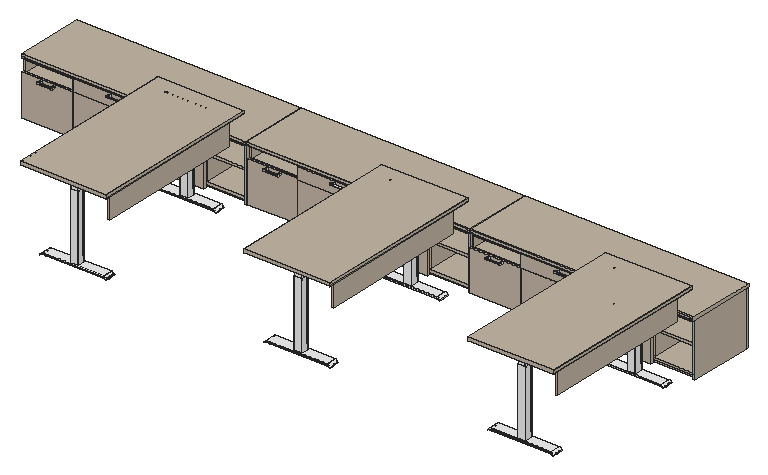
Revit family "JSI-Vision-Typical_Laminate-VST139", category Furniture, Revit 2020 (continued)
Definition of nested family "JSI-Vision-Box_File_Modular_Bench_Pedestal"
  Automatic sketch dimensions
    Extrusion 4 sketch curve to plane 5 = 0"
    Extrusion 4 sketch curve to plane 14 = 0"
    curve 6 to plane 6 = 0"
    curve 6 to plane 7 = 0"
    curve 5 to plane 8 = 0"
    curve 6 to plane 9 = 0"
    curve 2 to plane 5 = 0"
    Extrusion 1 sketch curve to plane 18 = 0"
    Extrusion 2 sketch curve to plane 18 = 0"
    Extrusion 5 sketch curve to Extrusion 5 sketch curve = 3/4"
    plane 9 to Extrusion 5 sketch curve = 0.88"
  Nested families (in)
    nested 1: "Bar Pull" at (9, -18, 13.6409), Pull Finish <- "Pull Finish", type "PL"
      with Pull Finish none
    nested 2: "Bar Pull" at (9, -18, 17.8909), Pull Finish <- "Pull Finish", type "PL"
      with Pull Finish none
    nested 3: "Label 1-16" at (9, -18, 0), type "DRWCFG"
  Definition of nested family "Bar Pull"
    Parameters
      Pull Finish [instance] = none
      Default Elevation = 0"
    Reference planes (in)
      plane 1 "Center Front/Back": y = 0
      plane 2: z = 0
      plane 3 "Center Left/Right": x = 0
      plane 4: x = -2.68731
      plane 5: x = -1.88731
      plane 6: x = 2.68731
      plane 7: x = 1.88731
      plane 8: y = -1
      plane 9: y = -0.85202
    Forms (in)
      Extrusion 1, solid, material <- "Pull Finish"
        sketch origin (0, 0, 0) x (0, 1, 0) y (0, 0, 1)
          loop
            line (0, -0.2015) -> (0, 0.2015) -> (-0.85202, 0.2015)
            arc (-0.85202, 0.2015) -> (-0.75, 0) -> (-0.85202, -0.2015) r 0.25
            line (-0.85202, -0.2015) -> (0, -0.2015)
        from 1.88731 to 2.68731
      Extrusion 2, solid, material <- "Pull Finish"
        sketch origin (0, 0, 0) x (0, 1, 0) y (0, 0, 1)
          loop
            circle (-1, 0) r 0.25
        from -2.68731 to 2.68731
      Extrusion 3, solid, material <- "Pull Finish"
        sketch origin (0, 0, 0) x (0, 1, 0) y (0, 0, -1)
          loop
            line (0, 0.2015) -> (-0.85202, 0.2015)
            arc (-0.85202, 0.2015) -> (-0.75, 0) -> (-0.85202, -0.2015) r 0.25
            line (-0.85202, -0.2015) -> (0, -0.2015) -> (0, 0.2015)
        from 1.88731 to 2.68731
    Dimensions and locks (in)
      plane 4 to plane 5 to plane 3 "Center Left/Right" to plane 7 to plane 6 = 0.8" locked, 1.88731" locked, 1.88731" locked, 0.8" locked
      plane 8 to plane 9 to plane 1 "Center Front/Back" = 0.14798" locked, 0.85202" locked
      aligned and locked: level to plane 2
      aligned and locked: plane 4 to Extrusion 3
      aligned and locked: Extrusion 3 to plane 5
      aligned and locked: plane 4 to Extrusion 2
      aligned and locked: Extrusion 1 to plane 7
      aligned and locked: plane 6 to Extrusion 1
      aligned and locked: plane 6 to Extrusion 2
      aligned and locked: plane 8 to Extrusion 2 sketch curve
      aligned and locked: Extrusion 3 to plane 1 "Center Front/Back"
      aligned and locked: Extrusion 1 to plane 1 "Center Front/Back"
      aligned and locked: plane 5 to Extrusion 3
      aligned and locked: Extrusion 3 to plane 4
      aligned and locked: Extrusion 2 to plane 4
      aligned and locked: plane 7 to Extrusion 1
      aligned and locked: Extrusion 1 to plane 6
      aligned and locked: Extrusion 2 to plane 6
  Definition of nested family "Label 1-16"
    Parameters
      Width = 1"
      Model Name = "FF"
    Reference planes (in)
      plane 1: y = 0
      plane 2: x = 0
    Text (in)
      label "XX" at (0.00051, -0.12324, 0), shows "Model Name"
Definition of nested family "JSI-Vision-Sliding_Door_Modular_Bench_Pedestal"
  Parameters (values of type "Type Catalog")
    Width = 30"
    URL = "www.jsifurniture.com"
    Top = none
    Tag = "DOOR"
    Series = "Vision Casegoods"  # constant formula
    Model = "Type Catalog"
    Manufacturer = "JSI"  # constant formula
    Keynote = "12500"
    JSI Enviromental Website = "http://www.jsifurniture.com/jsi_sustainability_intro.php"
    Height = 18 3/4"
    Door Front = none
    Description = "Type Catalog"
    Depth = 18"
    Default Elevation = 0"
    Chassis = none
    Assembly Code = "E2020200"
  Reference planes (in)
    plane 1 "Center Front/Back": y = 0
    plane 2: z = 0
    plane 3 "Center Left/Right": x = 0
    plane 4: x = 30
    plane 5: x = 0.18716
    plane 6: x = 29.81244
    plane 7: z = 10.33219
    plane 8: x = 0.75
    plane 9: x = 29.126
    plane 10: y = -0.8125
    plane 11: y = -17.25
    plane 12: x = 15
    plane 13: z = 18.75
    plane 14: z = 18.6409
    plane 15: z = 9.58219
    plane 16: z = 1.9375
    plane 17: z = 1.1875
    plane 18: y = -17
    plane 19: y = -18
    plane 20: x = 14.625
    plane 21: x = 15.375
    plane 22: y = -16.125
    plane 23: y = -15.1875
    plane 24: y = -15.9375
    plane 25: z = 1
    plane 26: z = 18
  Forms (in)
    Extrusion 1, solid, material <- "Chassis"
      sketch origin (0.125, -0.1875, 48) x (0, 1, 0) y (0, 0, 1)
        loop
          line (0.1875, -29.25) -> (-17.0625, -29.25) -> (-17.0625, -48) -> (0.1875, -48) -> (0.1875, -29.25)
      from -0.125 to 0.625
    Extrusion 2, solid, material <- "Chassis"
      sketch origin (29.875, -0.1875, 48) x (0, 1, 0) y (0, 0, 1)
        loop
          line (0.1875, -29.25) -> (-17.0625, -29.25) -> (-17.0625, -48) -> (0.1875, -48) -> (0.1875, -29.25)
      from -0.749 to 0.125
    Extrusion 3, solid, material <- "Chassis"
      sketch origin (0, 0, 0) x (1, 0, 0) y (0, 1, 0)
        loop
          line (0.75, -15.1875) -> (0.75, -15.9375) -> (29.126, -15.9375) -> (29.126, -15.1875) -> (0.75, -15.1875)
      from 0 to 1.1875
    Extrusion 4, solid, material <- "Chassis"
      sketch origin (0, 0, 0) x (0, 1, 0) y (0, 0, 1)
        loop
          line (0, 18) -> (0, 18.75) -> (-17.25, 18.75) -> (-17.25, 18) -> (0, 18)
        loop
          line (0, 1.1875) -> (0, 1.9375) -> (-17, 1.9375) -> (-17, 1.1875) -> (0, 1.1875)
      from 0.75 to 29.126
    Extrusion 5, solid, material <- "Door Front"
      sketch origin (0, 0, 0) x (0, 1, 0) y (0, 0, 1)
        loop
          line (-17.25, 18.6409) -> (-18, 18.6409) -> (-18, 0.25) -> (-17.25, 0.25) -> (-17.25, 18.6409)
      from 0.18716 to 15.375
    Extrusion 6, solid, material <- "Chassis"
      sketch origin (0, 0, 0) x (0, 1, 0) y (0, 0, 1)
        loop
          line (-0.25, 9.58219) -> (-0.25, 10.33219) -> (-15.75, 10.33219) -> (-15.75, 9.58219) -> (-0.25, 9.58219)
      from 0.75 to 14.625
    Extrusion 7, solid, material <- "Chassis"
      sketch origin (0, 0, 0) x (0, 1, 0) y (0, 0, 1)
        loop
          line (0, 18) -> (-16.125, 18) -> (-16.125, 1.9375) -> (0, 1.9375) -> (0, 18)
      from 14.625 to 15.375
    Extrusion 8, solid, material <- "Chassis"
      sketch origin (30, 0, 0) x (0, 1, 0) y (0, 0, -1)
        loop
          line (-0.25, -9.58219) -> (-15.75, -9.58219) -> (-15.75, -10.33219) -> (-0.25, -10.33219) -> (-0.25, -9.58219)
      from 0.874 to 14.625
    Extrusion 9, solid, material <- "Chassis"
      sketch origin (0, 0, 0) x (1, 0, 0) y (0, 1, 0)
        loop
          line (0.75, 0) -> (0.75, -0.25) -> (14.625, -0.25) -> (14.625, 0) -> (0.75, 0)
        loop
          line (15.375, 0) -> (15.375, -0.25) -> (29.126, -0.25) -> (29.126, 0) -> (15.375, 0)
      from 1.9375 to 18
  Lines and regions (in)
    symbolic lines
      curve 1: line (0, 0, 0) -> (30, 0, 0)
      curve 2: line (0, -17.875, 0) -> (0, 0, 0)
      curve 3: line (30, -17.875, 0) -> (0, -17.875, 0)
      curve 4: line (30, 0, 0) -> (30, -17.875, 0)
  Dimensions and locks (in)
    plane 9 to plane 6 to plane 4 = 0.68644" locked, 0.18756" locked
    plane 3 "Center Left/Right" to plane 5 to plane 8 = 0.18716" locked, 0.56284" locked
    "Width": plane 3 "Center Left/Right" to plane 4
    equal spacing: plane 3 "Center Left/Right", plane 12, plane 4
    locked: plane 1 "Center Front/Back" to plane 10 at 0.8125
    plane 16 to plane 17 to level = 3/4" locked, 1 3/16" locked
    "Depth": plane 1 "Center Front/Back" to plane 19
    locked: plane 25 to level at 1
    locked: Extrusion 6 sketch curve to plane 22 at 0.375
    plane 20 to plane 12 to plane 21 = 3/8" locked, 3/8" locked
    plane 23 to plane 24 to plane 22 to plane 18 to plane 11 to plane 19 = 3/4" locked, 3/16" locked, 7/8" locked, 1/4" locked, 3/4" locked
    locked: plane 13 to plane 26 at 0.75
    locked: plane 14 to plane 13 at 0.1091
    "Height": plane 13 to level
    locked: Extrusion 5 sketch curve to plane 2 at 0.25
    locked: plane 1 "Center Front/Back" to Extrusion 9 sketch curve at 0.25  (x2)
    aligned and locked: level to plane 2
    aligned and locked: Extrusion 1 sketch curve to level
    aligned and locked: level to Extrusion 2 sketch curve
    aligned and locked: plane 8 to Extrusion 3 sketch curve
    aligned and locked: nested 1 to plane 12
    aligned and locked: plane 3 "Center Left/Right" to curve 2
    aligned and locked: plane 1 "Center Front/Back" to curve 1
    aligned and locked: curve 4 to plane 4
    aligned and locked: plane 13 to Extrusion 4 sketch curve
    aligned and locked: Extrusion 4 sketch curve to plane 11
    aligned and locked: plane 16 to Extrusion 4 sketch curve
    aligned and locked: Extrusion 4 sketch curve to plane 17
    aligned and locked: nested 1 to plane 19
    aligned and locked: plane 17 to Extrusion 3
    aligned and locked: plane 23 to Extrusion 3
    aligned and locked: Extrusion 3 to plane 24
    aligned and locked: Extrusion 5 sketch curve to plane 14
    aligned and locked: plane 11 to Extrusion 5 sketch curve
    aligned and locked: Extrusion 5 sketch curve to plane 19
    aligned and locked: plane 21 to Extrusion 5
    aligned and locked: plane 5 to Extrusion 5
    aligned and locked: plane 7 to Extrusion 6 sketch curve
    aligned and locked: Extrusion 6 sketch curve to plane 15
    aligned and locked: plane 16 to Extrusion 7 sketch curve
    aligned and locked: plane 22 to Extrusion 7 sketch curve
    aligned and locked: Extrusion 8 to plane 21
    aligned and locked: plane 7 to Extrusion 8
    aligned and locked: Extrusion 8 to plane 15
    aligned and locked: plane 9 to Extrusion 8
    aligned and locked: Extrusion 1 to plane 1 "Center Front/Back"
    aligned and locked: Extrusion 2 to plane 1 "Center Front/Back"
    aligned and locked: Extrusion 4 to plane 1 "Center Front/Back"
    aligned and locked: Extrusion 7 to plane 1 "Center Front/Back"
    aligned and locked: plane 8 to Extrusion 9 sketch curve
    aligned and locked: plane 20 to Extrusion 9 sketch curve
    aligned and locked: plane 1 "Center Front/Back" to Extrusion 9 sketch curve  (x2)
    aligned and locked: plane 21 to Extrusion 9 sketch curve
    aligned and locked: Extrusion 9 sketch curve to plane 9
    aligned and locked: plane 26 to Extrusion 9
    aligned and locked: Extrusion 9 to plane 16
    aligned and locked: Extrusion 6 to Extrusion 9
    aligned and locked: Extrusion 8 to Extrusion 9
  Automatic sketch dimensions
    plane 19 to curve 4 = 1/8"
    Extrusion 1 sketch curve to plane 11 = 0"
    Extrusion 1 sketch curve to plane 13 = 0"
    Extrusion 2 sketch curve to plane 11 = 0"
    Extrusion 2 sketch curve to plane 13 = 0"
    Extrusion 3 sketch curve to plane 9 = 0"
    Extrusion 3 sketch curve to plane 24 = 0"
    Extrusion 3 sketch curve to plane 23 = 0"
    plane 15 to Extrusion 8 sketch curve = 0"
    Extrusion 8 sketch curve to plane 7 = 0"
    plane 10 to Extrusion 8 sketch curve = 9/16"
    plane 24 to Extrusion 8 sketch curve = 3/16"
    plane 26 to Extrusion 7 sketch curve = 0"
    plane 10 to Extrusion 1 sketch curve = 13/16"
    plane 10 to Extrusion 2 sketch curve = 13/16"
    Extrusion 4 sketch curve to plane 18 = 0"
    Extrusion 4 sketch curve to plane 26 = 0"
    plane 10 to Extrusion 4 sketch curve = 13/16"  (x2)
    plane 10 to Extrusion 7 sketch curve = 13/16"
    plane 10 to Extrusion 6 sketch curve = 9/16"
  Nested families (in)
    nested 1: "Label 1-16" at (15, -18, 0), type "DRWCFG"
  Definition of nested family "Label 1-16"
    Parameters
      Width = 1"
      Model Name = "DOOR"
    Reference planes (in)
      plane 1: y = 0
      plane 2: x = 0
    Text (in)
      label "XX" at (0.00051, -0.12324, 0), shows "Model Name"
Definition of nested family "JSI-Vision-Bench_Height_Modular_Top"
  Parameters (values of type "Type Catalog")
    Worksurface = none
    Width = 42"
    URL = "www.jsifurniture.com"
    Type Comments = ""
    Series = "Vision Casegoods"  # constant formula
    Model = "Type Catalog"
    Material = ""
    Manufacturer = "JSI"  # constant formula
    Keynote = "12500"
    JSI Enviromental Website = "http://www.jsifurniture.com/jsi_sustainability_intro.php"
    Height = 19 1/2"
    Description = "Type Catalog"
    Depth = 30"
    Default Elevation = 0"
    Assembly Code = "E2020200"
  Reference planes (in)
    plane 1 "Center Front/Back": y = 0
    plane 2: z = 0
    plane 3 "Center Left/Right": x = 0
    plane 4: z = 0
    plane 5: x = 42
    plane 6: y = -30
    plane 7: z = 20.6875
    plane 8: z = 19.5
  Forms (in)
    Extrusion 1, solid, material <- "Worksurface"
      sketch origin (0, 0, 28) x (0, 1, 0) y (0, 0, 1)
        loop
          line (-29.88189, -8.5) -> (0, -8.5) -> (0, -7.3125) -> (-29.88189, -7.3125)
          arc (-29.88189, -7.3125) -> (-29.96541, -7.34709) -> (-30, -7.43061) r 0.11811
          line (-30, -7.43061) -> (-30, -8.38189)
          arc (-30, -8.38189) -> (-29.96541, -8.46541) -> (-29.88189, -8.5) r 0.11811
      from 0 to 42
  Lines and regions (in)
    symbolic lines
      curve 1: line (0, 0, 0) -> (42, 0, 0)
      curve 2: line (0, -30, 0) -> (0, 0, 0)
      curve 3: line (42, -30, 0) -> (0, -30, 0)
      curve 4: line (42, 0, 0) -> (42, -30, 0)
  Dimensions and locks (in)
    "Depth": plane 6 to plane 1 "Center Front/Back"
    "Width": plane 5 to plane 3 "Center Left/Right"
    locked: plane 7 to plane 8 at 1.1875
    "Height": plane 8 to level
    aligned and locked: level to plane 2
    aligned and locked: plane 5 to Extrusion 1
    aligned and locked: curve 1 to Extrusion 1
    aligned and locked: curve 2 to Extrusion 1
    aligned and locked: plane 6 to curve 3
    aligned and locked: curve 4 to plane 5
    aligned and locked: Extrusion 1 to plane 8
    aligned and locked: Extrusion 1 to plane 7
  Automatic sketch dimensions
    Extrusion 1 sketch curve to plane 6 = 0"
    level to Extrusion 1 sketch curve = 19 1/2"
    Extrusion 1 sketch curve to plane 7 = 0"
    Extrusion 1 sketch curve to plane 1 "Center Front/Back" = 0"
    Extrusion 1 sketch curve to Extrusion 1 sketch curve = 0.11811"
    plane 6 to Extrusion 1 sketch curve = 0.11811"
Definition of nested family "JSI-Vision-Adj_Bridge_Modesty"
  Parameters (values of type "Modesty for Adj Bridge - Type Catalog Family")
    Width = 40"
    URL = "www.jsifurniture.com"
    Type Comments = ""
    Series = "Vision Casegoods"  # constant formula
    JSI Enviromental Website = "http://www.jsifurniture.com/jsi_sustainability_intro.php"
    Panel = none
    Height-Panel = 9"
    Height = 30"
    Default Elevation = 0"
    Bracket = none
    Model = "Type Catalog"
    Material = ""
    Manufacturer = "JSI"  # constant formula
    Keynote = "12500"  # constant formula
    Description = "Type Catalog"
    Assembly Code = "E2020200"
  Reference planes (in)
    plane 1 "Center Front/Back": y = 0
    plane 2: z = 0
    plane 3 "Center Left/Right": x = 0
    plane 4: z = 30
    plane 5: y = -0.75
    plane 6: x = 20
    plane 7: x = 40
    plane 8: z = 28.8125
    plane 9: x = 8.375
    plane 10: x = 31.625
    plane 11: z = 19.8125
  Forms (in)
    Extrusion 1, solid, material <- "Panel"
      sketch origin (-12, -1, 0) x (1, 0, 0) y (0, 0, -1)
        loop
          line (12, -28.8125) -> (52, -28.8125) -> (52, -19.8125) -> (12, -19.8125) -> (12, -28.8125)
      from 0.25 to 1
    Extrusion 2, solid, material <- "Bracket", detail levels medium+fine
      sketch origin (-12, -1, 0) x (0, -1, 0) y (0, 0, -1)
        loop
          line (1, -28.8125) -> (1, -28.6875) -> (-0.125, -28.6875) -> (-0.125, -22.8125) -> (-0.25, -22.8125) -> (-0.25, -28.8125) -> (1, -28.8125)
      from 20 to 20.75
    Extrusion 3, solid, material <- "Bracket", detail levels medium+fine
      sketch origin (11.625, -1, 0) x (0, -1, 0) y (0, 0, -1)
        loop
          line (1, -28.8125) -> (1, -28.6875) -> (-0.125, -28.6875) -> (-0.125, -22.8125) -> (-0.25, -22.8125) -> (-0.25, -28.8125) -> (1, -28.8125)
      from 8 to 8.75
    Extrusion 4, solid, material <- "Bracket", detail levels medium+fine
      sketch origin (35.25, -1, 0) x (0, -1, 0) y (0, 0, -1)
        loop
          line (1, -28.8125) -> (1, -28.6875) -> (-0.125, -28.6875) -> (-0.125, -22.8125) -> (-0.25, -22.8125) -> (-0.25, -28.8125) -> (1, -28.8125)
      from -4 to -3.25
  Lines and regions (in)
    symbolic lines
      curve 1: line (0, 0, 0) -> (40, 0, 0)
      curve 2: line (0, -0.75, 0) -> (0, 0, 0)
      curve 3: line (40, -0.75, 0) -> (0, -0.75, 0)
      curve 4: line (40, 0, 0) -> (40, -0.75, 0)
  Dimensions and locks (in)
    locked: Extrusion 2 to Extrusion 2 at 0.75
    locked: Extrusion 3 to Extrusion 3 at 0.75
    locked: Extrusion 4 to Extrusion 4 at 0.75
    locked: plane 10 to plane 7 at 8.375
    equal spacing: Extrusion 2, plane 9, Extrusion 2
    equal spacing: Extrusion 4, plane 10, Extrusion 4
    "Height": plane 4 to plane 2
    "Height-Panel": plane 8 to plane 11
    locked: plane 4 to plane 8 at 1.1875
    equal spacing: plane 3 "Center Left/Right", plane 6, plane 7
    "Width": plane 3 "Center Left/Right" to plane 7
    equal spacing: Extrusion 3, plane 6, Extrusion 3
    locked: plane 3 "Center Left/Right" to plane 9 at 8.375
    aligned and locked: level to plane 2
    aligned and locked: Extrusion 1 to plane 5
    aligned and locked: Extrusion 1 to plane 7
    aligned and locked: plane 8 to Extrusion 1
    aligned and locked: plane 8 to Extrusion 2
    aligned and locked: plane 8 to Extrusion 3
    aligned and locked: plane 8 to Extrusion 4
    aligned and locked: curve 3 to Extrusion 1
    aligned and locked: plane 7 to curve 4
    aligned and locked: curve 1 to Extrusion 1
    aligned and locked: Extrusion 1 to plane 11
    aligned and locked: Extrusion 1 to plane 1 "Center Front/Back"
    aligned and locked: Extrusion 1 to plane 3 "Center Left/Right"
  Automatic sketch dimensions
    plane 7 to Extrusion 1 sketch curve = 0"
    Extrusion 1 sketch curve to plane 8 = 0"
    Extrusion 1 sketch curve to Extrusion 1 sketch curve = 9"
    Extrusion 2 sketch curve to plane 5 = 0"
    Extrusion 2 sketch curve to plane 8 = 0"
    Extrusion 2 sketch curve to Extrusion 2 sketch curve = 1/8"
    Extrusion 2 sketch curve to plane 8 = 1/8"
    Extrusion 2 sketch curve to Extrusion 2 sketch curve = 1 1/8"
    Extrusion 2 sketch curve to Extrusion 2 sketch curve = 5 7/8"
    Extrusion 3 sketch curve to plane 5 = 0"
    Extrusion 3 sketch curve to plane 8 = 0"
    Extrusion 3 sketch curve to Extrusion 3 sketch curve = 1/8"
    Extrusion 3 sketch curve to plane 8 = 1/8"
    Extrusion 3 sketch curve to Extrusion 3 sketch curve = 1 1/8"
    Extrusion 3 sketch curve to Extrusion 3 sketch curve = 5 7/8"
    Extrusion 4 sketch curve to plane 5 = 0"
    Extrusion 4 sketch curve to plane 8 = 0"
    Extrusion 4 sketch curve to Extrusion 4 sketch curve = 1/8"
    Extrusion 4 sketch curve to plane 8 = 1/8"
    Extrusion 4 sketch curve to Extrusion 4 sketch curve = 1 1/8"
    Extrusion 4 sketch curve to Extrusion 4 sketch curve = 5 7/8"
    plane 9 to curve 1 = 8 3/8"
    plane 9 to Extrusion 1 sketch curve = 8 3/8"
Definition of nested family "JSI-Vision-Filler_Back_Panel_for_Bench_Height"
  Parameters (values of type "VSTB0419MBK, Filler Back Panel for Bench Height 18 3/4"H, 4"W")
    Width = 4"
    URL = "www.jsifurniture.com"
    Type Comments = ""
    Series = "Vision Casegoods"  # constant formula
    Back Finish = none
    Model = "VSTB0419MBK"
    Material = ""
    Manufacturer = "JSI"  # constant formula
    Keynote = "12500"  # constant formula
    JSI Enviromental Website = "http://www.jsifurniture.com/jsi_sustainability_intro.php"
    Height = 18 3/4"
    Description = "Filler Back Panel Laminate for Bench Height 3/4\"D x 18 3/4\"H x 4\"W"
    Depth = 3/4"
    Default Elevation = 0"
    Assembly Code = "E2020200"
  Types (2): name | Model | Description
    VSTB0419MBK, Filler Back Panel for Bench Height 18 3/4"H, 4"W | "VSTB0419MBK" | "Filler Back Panel Laminate for Bench Height 3/4\"D x 18 3/4\"H x 4\"W"
    VSVB0419MBK, Filler Back Panel for Bench Height 18 3/4"H, 4"W | "VSVB0419MBK" | "Filler Back Panel Veneer for Bench Height 3/4\"D x 18 3/4\"H x 4\"W"
  Reference planes (in)
    plane 1 "Center Front/Back": y = 0
    plane 2: z = 0
    plane 3 "Center Left/Right": x = 0
    plane 4: z = 0
    plane 5: x = 4
    plane 6: z = 18.75
    plane 7: y = -0.75
  Forms (in)
    Extrusion 1, solid, material <- "Back Finish"
      sketch origin (0, 1.5625, 0) x (1, 0, 0) y (0, 1, 0)
        loop
          line (0, -1.5625) -> (0, -2.3125) -> (4, -2.3125) -> (4, -1.5625) -> (0, -1.5625)
      from 0 to 18.75
  Lines and regions (in)
    symbolic lines
      curve 1: line (0, 0, 0) -> (4, 0, 0)
      curve 2: line (0, -0.75, 0) -> (0, 0, 0)
      curve 3: line (4, -0.75, 0) -> (0, -0.75, 0)
      curve 4: line (4, 0, 0) -> (4, -0.75, 0)
  Dimensions and locks (in)
    "Height": plane 6 to plane 4
    "Depth": plane 7 to plane 1 "Center Front/Back"
    "Width": plane 3 "Center Left/Right" to plane 5
    aligned and locked: level to plane 2
    aligned and locked: plane 6 to Extrusion 1
    aligned and locked: Extrusion 1 to plane 7
    aligned and locked: Extrusion 1 to plane 3 "Center Left/Right"
    aligned and locked: Extrusion 1 to plane 4
    aligned and locked: plane 5 to Extrusion 1
    aligned and locked: curve 1 to Extrusion 1
    aligned and locked: curve 2 to Extrusion 1
    aligned and locked: curve 3 to Extrusion 1
    aligned and locked: curve 4 to Extrusion 1
    aligned and locked: Extrusion 1 to plane 1 "Center Front/Back"
  Automatic sketch dimensions
    Extrusion 1 sketch curve to plane 3 "Center Left/Right" = 0"
    Extrusion 1 sketch curve to plane 5 = 0"
    Extrusion 1 sketch curve to plane 7 = 0"
    Extrusion 1 sketch curve to Extrusion 1 sketch curve = 3/4"
